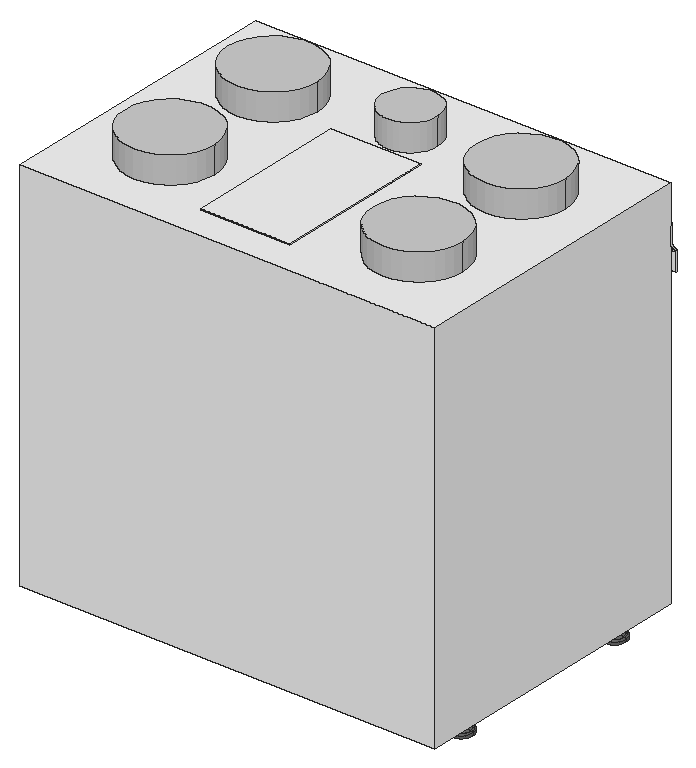
Revit family "BLAUBERG-KOMFORT_Roto_EC_SE400", category Mechanical Equipment, Revit 2019
Family settings
  Round Connector Dimension = Use Diameter
  Classification = None
  Part Type = Normal
  OmniClass Number = 23.75.35.14
  OmniClass Title = Air Handling Units
  Work Plane-Based = No
  Always vertical = Yes
  Cut with Voids When Loaded = No
  Shared = No
  Room Calculation Point = No
Parameters (values of type "KOMFORT Roto EC S 400 S21")
  dLFeets = 27 mm
  dBFeets = 93 mm
  Weight = 81.00 kg
  Standard Service Side [instance] = yes
  ServiceDoorB = 20 mm  # constant formula
  Service Side 2 [instance] = Standard Service Side  # yes
  Service Side 1 [instance] = not(Standard Service Side)  # no
  MountingPlateH = 100 mm  # constant formula
  Maximum Unit Current With Electric Heater = 1.4 A
  Maintenance Zone Side 2 [instance] = if(Maintenance Zone, (if(not(Standard Service Side), 1 = 1, 1 = 0)), 1 = 0)  # no
  Maintenance Zone Side 1 [instance] = if(Maintenance Zone, (if(Standard Service Side, 1 = 1, 1 = 0)), 1 = 0)  # no
  Plastic Material = Polypropylene Black
  Maximum Unit Power Without Electric Heater = 200 W
  Maximum Unit Current Without Electric Heater = 1.4 A
  Leveling Feets Height Calc [instance] = if(Leveling Feets Height < 23 mm, 23 mm, Leveling Feets Height)  # 23 mm
  Leveling Feets Height [instance] = 23 mm
  L3 = 372 mm
  L2 = 149 mm
  L1 = 149 mm
  Heater power = 0 W
  Heat Exchanger Material = "aluminium"
  HDuctCon = 48 mm  # constant formula
  H = 674 mm
  Front Maintenance Zone Width = H  # 674 mm
  Front Maintenance Zone Length = L  # 742 mm
  ElConB = 324 mm
  ElConA = 356 mm
  ElBoxB = 292 mm
  ElBoxA = 160 mm
  Duct Connection Diameter Kitchen Hood = 100 mm
  BackFeetD = 20 mm  # constant formula
  B3 = 121 mm
  B2 = 149 mm
  Air Flow Kitchen Hood [instance] = 0 m³/h
  Air Flow Factor [instance] = 1  # constant formula
  B1 = 149 mm
  L = 742 mm
  Voltage = 230 V
  URL = "https://blaubergventilatoren.de/en/product/komfort-roto-ec-s400-s21"
  Type Comments = "Air Handling Unit KOMFORT Roto EC S 400 S21"
  Transported Air Temperature (°C) = "-25…+40"
  Supply Air Filter = "G4,F7"
  Sound Pressure Level at 3 m (dBA) = 33
  SEC Class = "A"
  RPM (min-1) = 3280
  Power Factor = 1
  Power = Maximum Unit Power Without Electric Heater + Heater power  # 200 W
  Number of Poles = 1
  Model = "KOMFORT Roto EC S 400 S21"
  Maximum Air Flow = 440 m³/h
  Manufacturer = "Blauberg"
  Maintenance Zone Material = Maintenance Zone
  Front Maintenance Zone Height = 750 mm
  Maintenance Zone [instance] = no
  Load Classification = HVAC
  B = 528 mm
  Heat recovery efficiency (%) = "76..85"
  Heat Exchanger Type = "rotary"
  Metal Material = Metal Zinc
  Family Version = "1.0"  # constant formula
  Extract Air Filter = "G4"
  Duct Connection Diameter = 160 mm
  Description = "Air Handling Unit"
  D = Duct Connection Diameter  # 160 mm
  Current = Maximum Unit Current With Electric Heater  # 1.4 A
  Copyright = "©Blauberg"
  Casing Material = Painted Steel White
  Apparent Power [instance] = Power / Power Factor  # 200 VA
  Air Flow Supply [instance] = 0 m³/h
  Air Flow Exhaust Total [instance] = Air Flow Exhaust + Air Flow Kitchen Hood  # 0 m³/h
  Air Flow Exhaust [instance] = 0 m³/h
Types (2, lengths in mm): name | Weight | Maximum Unit Current With Electric Heater | Heater power | URL | Type Comments | Power | Model | Current | Apparent Power
  KOMFORT Roto EC S 400 S21 | 81.00 kg | 1.4 A | 0 W | "https://blaubergventilatoren.de/en/product/komfort-roto-ec-s400-s21" | "Air Handling Unit KOMFORT Roto EC S 400 S21" | 200 W | "KOMFORT Roto EC S 400 S21" | 1.4 A | 200 VA
  KOMFORT Roto EC SE 400 S21 | 82.00 kg | 7.5 A | 1400 W | "https://blaubergventilatoren.de/en/product/komfort-roto-ec-se400-s21" | "Air Handling Unit KOMFORT Roto EC SE 400 S21" | 1600 W | "KOMFORT Roto EC SE 400 S21" | 7.5 A | 1600 VA
Reference planes
  plane 1 "Center (Front/Back)": y = 0
  plane 2: z = 0
  plane 3 "Center (Left/Right)": x = 0
  plane 4 "Right": x = 371
  plane 5 "Front": y = -264
  plane 6 "Left": x = -371
  plane 7 "Top": z = 697
  plane 8 "Back": y = 264
  plane 9 "DuctConL3": x = 1
  plane 10 "DuctConB1": y = 115
  plane 11 "DuctConB2": y = -115
  plane 12 "DuctCon": z = 745
  plane 13: z = 699
  plane 14 "Bottom": z = 23
  plane 15 "FeetsL1": x = -344
  plane 16 "FeetsL2": x = 344
  plane 17 "FeetsB1": y = 171
  plane 18 "FeetsB2": y = -171
  plane 19 "ElConA": x = -15
  plane 20 "DuctConL2": x = 222
  plane 21 "DuctConL1": x = -222
  plane 22: x = -95
  plane 23: x = 65
  plane 24: y = 86
  plane 25: y = -206
  plane 26 "ElConB": y = -60
  plane 27 "ServiceDoorBack": y = 244
  plane 28 "ServiceDoorFront": y = -244
  plane 29 "DuctConB3": y = 143
  plane 30 "DuctConB4": z = 43
  plane 31 "MountingPlateH": z = 597
Forms (mm)
  Extrusion 1, solid, material "Painted Steel White" <- "Casing Material", detail levels medium+fine
    sketch origin (0, 377, 23) x (-1, 0, 0) y (0, -1, 0)
      loop
        line (371, 113) -> (371, 641) -> (-371, 641) -> (-371, 113) -> (371, 113)
    from 0 to 674
  Extrusion 2, solid, material "Metal Zinc" <- "Metal Material", detail levels medium+fine
    sketch origin (0, 0, 697) x (-1, 0, 0) y (0, -1, 0)
      loop
        circle (222, 115) r 80
      loop
        circle (-222, 115) r 80
      loop
        circle (-222, -115) r 80
      loop
        circle (222, -115) r 80
      loop
        circle (-1, -143) r 50
    from 0 to 48
  Extrusion 3, solid, material "Painted Steel White" <- "Casing Material", detail levels medium+fine
    sketch origin (0, 0, 697) x (-1, 0, 0) y (0, -1, 0)
      loop
        line (95, -86) -> (95, 206) -> (-65, 206) -> (-65, -86) -> (95, -86)
    from 0 to 2
  Extrusion 4, solid, material "Polypropylene Black" <- "Plastic Material", visible <- "Service Side 1", detail levels medium+fine
    sketch origin (0, -264, 0) x (-1, 0, 0) y (0, 0, 1)
      loop
        circle (344, 43) r 10
      loop
        circle (-344, 43) r 10
    from 0 to -10
  Extrusion 5, solid, material "Polypropylene Black" <- "Plastic Material", visible <- "Service Side 2", detail levels medium+fine
    sketch origin (0, 264, 0) x (-1, 0, 0) y (0, 0, 1)
      loop
        circle (344, 43) r 10
      loop
        circle (-344, 43) r 10
    from 0 to 10
Lines and regions (mm)
  model lines, detail levels coarse
    curve 1: line (-371, -264, 697) -> (-371, 264, 697)
    curve 2: line (371, -264, 697) -> (-371, -264, 697)
    curve 3: line (371, 264, 697) -> (371, -264, 697)
    curve 4: line (-371, -264, 23) -> (-371, 264, 23)
    curve 5: line (371, -264, 23) -> (-371, -264, 23)
    curve 6: line (371, 264, 23) -> (371, -264, 23)
    curve 7: line (-371, -264, 697) -> (371, -264, 697)
    curve 8: line (-371, -264, 23) -> (-371, -264, 697)
    curve 9: line (371, -264, 23) -> (-371, -264, 23)
    curve 10: line (371, -264, 697) -> (371, -264, 23)
    curve 11: line (-371, -264, 697) -> (-371, -264, 23)
    curve 12: line (371, -264, 697) -> (371, -264, 23)
    curve 13: line (-371, 264, 23) -> (371, 264, 23)
    curve 14: line (-371, 264, 697) -> (371, 264, 697)
    curve 15: line (-371, 264, 697) -> (-371, 264, 23)
    curve 16: line (371, 264, 697) -> (371, 264, 23)
    curve 17: line (-222, 115, 745) -> (-222, 115, 697)
    curve 18: line (222, 115, 745) -> (222, 115, 697)
    curve 19: line (222, -115, 745) -> (222, -115, 697)
    curve 20: line (-222, -115, 745) -> (-222, -115, 697)
    curve 21: line (1, 143, 745) -> (1, 143, 697)
Dimensions and locks
  "B": plane 8 "Back" to plane 5 "Front"
  equal spacing: plane 6 "Left", plane 3 "Center (Left/Right)", plane 4 "Right"
  "L": plane 6 "Left" to plane 4 "Right"
  "dBFeets": plane 8 "Back" to plane 17 "FeetsB1"
  "dBFeets": plane 18 "FeetsB2" to plane 5 "Front"
  "dLFeets": plane 6 "Left" to plane 15 "FeetsL1"
  "dLFeets": plane 16 "FeetsL2" to plane 4 "Right"
  "Leveling Feets Height Calc": plane 14 "Bottom" to level
  "HDuctCon": plane 12 "DuctCon" to plane 7 "Top"
  "H": plane 7 "Top" to plane 14 "Bottom"
  "ElConA": plane 6 "Left" to plane 19 "ElConA"
  "B1": plane 11 "DuctConB2" to plane 5 "Front"
  "B2": plane 8 "Back" to plane 10 "DuctConB1"
  "L1": plane 6 "Left" to plane 21 "DuctConL1"
  equal spacing: plane 22, plane 19 "ElConA", plane 23
  "ElBoxA": plane 22 to plane 23
  "ElConB": plane 8 "Back" to plane 26 "ElConB"
  equal spacing: plane 24, plane 26 "ElConB", plane 25
  "ElBoxB": plane 24 to plane 25
  locked: plane 13 to plane 7 "Top" at 2
  "ServiceDoorB": plane 8 "Back" to plane 27 "ServiceDoorBack"
  "ServiceDoorB": plane 28 "ServiceDoorFront" to plane 5 "Front"
  "L3": plane 6 "Left" to plane 9 "DuctConL3"
  "L2": plane 20 "DuctConL2" to plane 4 "Right"
  equal spacing: plane 8 "Back", plane 1 "Center (Front/Back)", plane 5 "Front"
  "B3": plane 8 "Back" to plane 29 "DuctConB3"
  locked: plane 30 "DuctConB4" to plane 14 "Bottom" at 20
  "MountingPlateH": plane 7 "Top" to plane 31 "MountingPlateH"
  "D": diameter of Extrusion 2 sketch curve  (x4)
  "Duct Connection Diameter Kitchen Hood": diameter of Extrusion 2 sketch curve
  aligned and locked: level to plane 2
  aligned and locked: plane 15 "FeetsL1" to nested 1
  aligned and locked: nested 1 to plane 17 "FeetsB1"
  aligned and locked: plane 16 "FeetsL2" to nested 2
  aligned and locked: nested 2 to plane 17 "FeetsB1"
  aligned and locked: nested 3 to plane 18 "FeetsB2"
  aligned and locked: plane 16 "FeetsL2" to nested 3
  aligned and locked: plane 15 "FeetsL1" to nested 4
  aligned and locked: nested 4 to plane 18 "FeetsB2"
  aligned and locked: Extrusion 1 sketch curve to plane 8 "Back"
  aligned and locked: plane 6 "Left" to Extrusion 1 sketch curve
  aligned and locked: plane 5 "Front" to Extrusion 1 sketch curve
  aligned and locked: Extrusion 1 sketch curve to plane 4 "Right"
  aligned and locked: plane 7 "Top" to Extrusion 1
  aligned and locked: plane 3 "Center (Left/Right)" to nested 5
  aligned and locked: nested 5 to plane 7 "Top"
  aligned and locked: curve 2 to Extrusion 1
  aligned and locked: curve 4 to curve 1
  aligned and locked: curve 5 to curve 2
  aligned and locked: curve 6 to nested 5
  aligned and locked: curve 8 to Extrusion 1
  aligned and locked: curve 10 to Extrusion 1
  aligned and locked: curve 11 to plane 5 "Front"
  aligned and locked: curve 12 to plane 5 "Front"
  aligned and locked: plane 8 "Back" to curve 3
  aligned and locked: plane 8 "Back" to curve 6
  aligned and locked: plane 6 "Left" to curve 13
  aligned and locked: curve 13 to plane 8 "Back"
  aligned and locked: plane 4 "Right" to curve 14
  aligned and locked: plane 6 "Left" to curve 14
  aligned and locked: curve 14 to plane 8 "Back"
  aligned and locked: plane 12 "DuctCon" to Extrusion 2
  aligned and locked: Extrusion 3 sketch curve to plane 24
  aligned and locked: Extrusion 3 sketch curve to plane 22
  aligned and locked: plane 25 to Extrusion 3 sketch curve
  aligned and locked: Extrusion 3 sketch curve to plane 23
  aligned and locked: plane 13 to Extrusion 3
  aligned and locked: plane 3 "Center (Left/Right)" to nested 6
  aligned and locked: nested 6 to plane 7 "Top"
  aligned and locked: plane 7 "Top" to curve 15
  aligned and locked: plane 14 "Bottom" to curve 15
  aligned and locked: plane 7 "Top" to curve 16
  aligned and locked: plane 14 "Bottom" to curve 16
  aligned and locked: plane 8 "Back" to curve 15
  aligned and locked: plane 8 "Back" to curve 16
  aligned and locked: plane 12 "DuctCon" to curve 17
  aligned and locked: plane 12 "DuctCon" to curve 18
  aligned and locked: plane 7 "Top" to curve 18
  aligned and locked: plane 7 "Top" to curve 17
  aligned and locked: curve 17 to plane 21 "DuctConL1"
  aligned and locked: curve 18 to plane 20 "DuctConL2"
  aligned and locked: plane 12 "DuctCon" to curve 19
  aligned and locked: plane 7 "Top" to curve 19
  aligned and locked: curve 19 to plane 20 "DuctConL2"
  aligned and locked: plane 21 "DuctConL1" to Extrusion 2 sketch curve
  aligned and locked: plane 11 "DuctConB2" to Extrusion 2 sketch curve
  aligned and locked: plane 12 "DuctCon" to curve 20
  aligned and locked: plane 7 "Top" to curve 20
  aligned and locked: curve 20 to plane 21 "DuctConL1"
  aligned and locked: plane 12 "DuctCon" to curve 21
  aligned and locked: plane 7 "Top" to curve 21
  aligned and locked: curve 21 to plane 9 "DuctConL3"
  aligned and locked: plane 9 "DuctConL3" to Extrusion 2 sketch curve
  aligned and locked: plane 29 "DuctConB3" to Extrusion 2 sketch curve
  aligned and locked: plane 3 "Center (Left/Right)" to nested 7
  aligned and locked: plane 31 "MountingPlateH" to nested 7
  aligned and locked: nested 8 to plane 3 "Center (Left/Right)"
  aligned and locked: plane 31 "MountingPlateH" to nested 8
Automatic sketch dimensions
  curve 11 to plane 14 "Bottom" = 0 mm
  curve 11 to plane 7 "Top" = 0 mm
  curve 12 to plane 14 "Bottom" = 0 mm
  curve 12 to plane 7 "Top" = 0 mm
  curve 9 to plane 14 "Bottom" = 0 mm
  curve 8 to plane 7 "Top" = 0 mm
  Extrusion 5 sketch curve to plane 16 "FeetsL2" = 0 mm
  Extrusion 5 sketch curve to plane 15 "FeetsL1" = 0 mm
  Extrusion 5 sketch curve to plane 30 "DuctConB4" = 0 mm  (x2)
  Extrusion 4 sketch curve to plane 16 "FeetsL2" = 0 mm
  Extrusion 4 sketch curve to plane 15 "FeetsL1" = 0 mm
  Extrusion 4 sketch curve to plane 30 "DuctConB4" = 0 mm  (x2)
  Extrusion 2 sketch curve to plane 11 "DuctConB2" = 0 mm
  Extrusion 2 sketch curve to plane 20 "DuctConL2" = 0 mm  (x2)
  Extrusion 2 sketch curve to plane 10 "DuctConB1" = 0 mm  (x2)
  Extrusion 2 sketch curve to plane 21 "DuctConL1" = 0 mm
  radius of Extrusion 5 sketch curve = 10 mm  (x2)
  radius of Extrusion 4 sketch curve = 10 mm  (x2)
Nested families
  nested 1: "LevellingFeet" at (-344, 171, 0), type "LevellingFeet", detail levels medium+fine
  nested 2: "LevellingFeet" at (344, 171, 0), type "LevellingFeet", detail levels medium+fine
  nested 3: "LevellingFeet" at (344, -171, 0), type "LevellingFeet", detail levels medium+fine
  nested 4: "LevellingFeet" at (-344, -171, 0), type "LevellingFeet", detail levels medium+fine
  nested 5: "MaintenanceZone_Rect" at (0, -264, 360) x (1, 0, 0) z (0, 1, 0), visible <- "Maintenance Zone Side 1", type "Front", detail levels medium+fine
    with Maintenance Zone Width 674 mm, Maintenance Zone Length 742 mm, Maintenance Zone Height 750 mm
  nested 6: "MaintenanceZone_Rect" at (0, 264, 360) x (1, 0, 0) z (0, -1, 0), visible <- "Maintenance Zone Side 2", type "Front", detail levels medium+fine
    with Maintenance Zone Width 674 mm, Maintenance Zone Length 742 mm, Maintenance Zone Height 750 mm
  nested 7: "MountingPlate2" at (0, 264, 597) x (1, 0, 0) z (0, 1, 0), visible <- "Service Side 2", type "MountingPlate2", detail levels medium+fine
    with Lenght 742 mm
  nested 8: "MountingPlate2" at (0, -264, 597) x (-1, 0, 0) z (0, -1, 0), visible <- "Service Side 1", type "MountingPlate2", detail levels medium+fine
    with Lenght 742 mm
Connectors
  hvac at (-222, -115, 745), driven by "Duct Connection Diameter", driven by "Air Flow Supply"
    settings: on Extrusion 2, index 1, duct flow 0 m³/h, flow factor 0, pres drop 0.0 Pa, loss coef 0, conn angle 0.00°, conn width 304.8 mm, conn height 304.8 mm, conn diameter 160 mm, duct sys type 1, conn prof type 0, flow config 0, flow direction 2, loss method 0, conn ref index -1, conn util no, is conn primary yes, conn desc "Supply Air"
  hvac at (-222, 115, 745), driven by "Duct Connection Diameter", driven by "Air Flow Exhaust"
    settings: on Extrusion 2, index 2, duct flow 0 m³/h, flow factor 0, pres drop 0.0 Pa, loss coef 0, conn angle 0.00°, conn width 304.8 mm, conn height 304.8 mm, conn diameter 160 mm, duct sys type 3, conn prof type 0, flow config 0, flow direction 1, loss method 0, conn ref index -1, conn util no, is conn primary no, conn desc "Extract Air"
  hvac at (222, 115, 745), driven by "Duct Connection Diameter", driven by "Air Flow Exhaust Total"
    settings: on Extrusion 2, index 3, duct flow 0 m³/h, flow factor 0, pres drop 0.0 Pa, loss coef 0, conn angle 0.00°, conn width 304.8 mm, conn height 304.8 mm, conn diameter 160 mm, duct sys type 3, conn prof type 0, flow config 1, flow direction 2, loss method 0, conn ref index -1, conn util no, is conn primary no, conn desc "Exhaust Air"
  hvac at (222, -115, 745), driven by "Duct Connection Diameter", driven by "Air Flow Supply"
    settings: on Extrusion 2, index 4, duct flow 0 m³/h, flow factor 0, pres drop 0.0 Pa, loss coef 0, conn angle 0.00°, conn width 304.8 mm, conn height 304.8 mm, conn diameter 160 mm, duct sys type 1, conn prof type 0, flow config 1, flow direction 1, loss method 0, conn ref index -1, conn util no, is conn primary no, conn desc "Intake Air"
  electrical at (-15, -60, 699), driven by "Number of Poles", driven by "Load Classification", driven by "Voltage", driven by "Apparent Power", driven by "Power Factor"
    settings: on Extrusion 3, index 6, voltage 230 V, apparent load 200 VA, apparent load phase1 0 VA, apparent load phase2 0 VA, apparent load phase3 0 VA, power factor 1, load classification "HVAC", number of poles 1, system type 30, power factor state 1, is connector primary yes, connector utility no, sub classification motor no, connector description ""
  hvac at (1, 143, 745), driven by "Duct Connection Diameter Kitchen Hood", driven by "Air Flow Kitchen Hood"
    settings: on Extrusion 2, index 7, duct flow 0 m³/h, flow factor 0, pres drop 0.0 Pa, loss coef 0, conn angle 0.00°, conn width 304.8 mm, conn height 304.8 mm, conn diameter 100 mm, duct sys type 3, conn prof type 0, flow config 0, flow direction 1, loss method 0, conn ref index -1, conn util no, is conn primary no, conn desc "Kitchen Hood Extract Air"
Definition of nested family "LevellingFeet"
  Parameters (values of type "LevellingFeet")
    r2 = d2 / 2  # 9 mm
    r1 = d1 / 2  # 12 mm
    h2 = 15 mm
    h1 = 6 mm
    d3 = 8 mm
    d2 = 18 mm
    d1 = 24 mm
    R = D / 2  # 20.5 mm
    Material = none
    H = 23 mm
    Default Elevation = 1219.2 mm
    D = 41 mm
  Reference planes
    plane 1 "Center (Front/Back)": y = 0
    plane 2: z = 0
    plane 3 "Center (Left/Right)": x = 0
    plane 4: z = 6
    plane 5: x = -9
    plane 6: x = -20.5
    plane 7: x = -12
    plane 8: z = 21
    plane 9: z = 23
  Forms (mm)
    Revolve 1, solid, material <- "Material"
      sketch origin (0, 0, 0) x (1, 0, 0) y (0, 0, 1)
        loop
          line (0, 21) -> (-9, 21) -> (-11.354, 9.228)
          arc (-11.354, 9.228) -> (-12.746, 6.91) -> (-15.292, 6) r 4.016
          line (-15.292, 6) -> (-18.541, 6)
          arc (-18.541, 6) -> (-19.926, 5.426) -> (-20.5, 4.041) r 1.959
          line (-20.5, 4.041) -> (-20.5, 0) -> (0, 0) -> (0, 21)
        axis (0, 21) -> (0, 0)
      angle from 0 to 360
    Extrusion 2, solid, material <- "Material"
      sketch origin (0, 0, 0) x (1, 0, 0) y (0, 1, 0)
        loop
          circle (0, 0) r 4
      from 23 to 6
  Cuts and joins
    joined: Revolve 1, Extrusion 2
  Dimensions and locks
    "r2": plane 3 "Center (Left/Right)" to plane 5
    "R": plane 3 "Center (Left/Right)" to plane 6
    "r1": plane 3 "Center (Left/Right)" to plane 7
    "h2": plane 8 to plane 4
    "h1": plane 4 to level
    "H": plane 9 to level
    "d3": diameter of Extrusion 2 sketch curve
    aligned and locked: level to plane 2
    aligned and locked: Revolve 1 sketch curve to plane 3 "Center (Left/Right)"
    aligned and locked: plane 8 to Revolve 1 sketch curve
    aligned and locked: Extrusion 2 to plane 4
    aligned and locked: plane 9 to Extrusion 2
    aligned and locked: cut or joined group of Revolve 1, Extrusion 2 to level
  Automatic sketch dimensions
    Revolve 1 sketch curve to level = 0 mm
    Revolve 1 sketch curve to plane 6 = 0 mm
    Revolve 1 sketch curve to plane 4 = 0 mm
    Revolve 1 sketch curve to plane 5 = 0 mm
    Revolve 1 sketch curve to plane 3 "Center (Left/Right)" = 0 mm
    plane 6 to Revolve 1 sketch curve = 1.959 mm
    Revolve 1 sketch curve to plane 7 = 3.292 mm
    plane 7 to Revolve 1 sketch curve = 0.646 mm
    plane 4 to Revolve 1 sketch curve = 3.228 mm
    Revolve 1 sketch curve to level = 336.045 mm
    plane 9 to Revolve 1 sketch curve = 2172.315 mm
    plane 1 "Center (Front/Back)" to Extrusion 2 sketch curve = 0 mm
    Extrusion 2 sketch curve to plane 3 "Center (Left/Right)" = 0 mm
Definition of nested family "MaintenanceZone_Rect"
  Parameters (values of type "MaintenanceZone_Rect")
    Maintenance Zone Width = 500 mm
    Material = none
    Maintenance Zone Length = 1000 mm
    Maintenance Zone Height = 300 mm
    Family Version = ""
    Default Elevation = 1219.2 mm
    Copyright = ""
  Reference planes
    plane 1 "Center (Front/Back)": y = 0
    plane 2: z = 0
    plane 3 "Center (Left/Right)": x = 0
    plane 4: x = -500
    plane 5: x = 500
    plane 6: y = 250
    plane 7: y = -250
    plane 8: z = -300
  Forms (mm)
    Extrusion 1, solid, material <- "Material", detail levels medium+fine
      sketch origin (0, 0, 0) x (1, 0, 0) y (0, 1, 0)
        loop
          line (-500, 250) -> (-500, -250) -> (500, -250) -> (500, 250) -> (-500, 250)
      from 0 to -300
  Lines and regions (mm)
    symbolic lines, detail levels medium+fine
      curve 1: line (-500, 0, 0) -> (500, 0, 0)
      curve 2: line (-500, 0, -300) -> (-500, 0, 0)
      curve 3: line (500, 0, -300) -> (-500, 0, -300)
      curve 4: line (500, 0, 0) -> (500, 0, -300)
      curve 5: line (0, 250, 0) -> (0, -250, 0)
      curve 6: line (0, 250, -300) -> (0, 250, 0)
      curve 7: line (0, -250, -300) -> (0, 250, -300)
      curve 8: line (0, -250, 0) -> (0, -250, -300)
      curve 9: line (-500, 250, 0) -> (500, 250, 0)
      curve 10: line (-500, -250, 0) -> (-500, 250, 0)
      curve 11: line (500, -250, 0) -> (-500, -250, 0)
      curve 12: line (500, 250, 0) -> (500, -250, 0)
  Dimensions and locks
    equal spacing: plane 6, plane 1 "Center (Front/Back)", plane 7
    equal spacing: plane 4, plane 3 "Center (Left/Right)", plane 5
    "Maintenance Zone Width": plane 6 to plane 7
    "Maintenance Zone Length": plane 4 to plane 5
    "Maintenance Zone Height": plane 2 to plane 8
    aligned and locked: level to plane 2
    aligned and locked: Extrusion 1 sketch curve to plane 6
    aligned and locked: plane 4 to Extrusion 1 sketch curve
    aligned and locked: plane 7 to Extrusion 1 sketch curve
    aligned and locked: Extrusion 1 sketch curve to plane 5
    aligned and locked: Extrusion 1 to plane 8
    aligned and locked: curve 1 to Extrusion 1
    aligned and locked: curve 2 to Extrusion 1
    aligned and locked: curve 3 to Extrusion 1
    aligned and locked: curve 4 to Extrusion 1
    aligned and locked: curve 5 to Extrusion 1
    aligned and locked: curve 6 to Extrusion 1
    aligned and locked: curve 7 to Extrusion 1
    aligned and locked: curve 8 to Extrusion 1
    aligned and locked: curve 9 to Extrusion 1
    aligned and locked: curve 10 to Extrusion 1
    aligned and locked: curve 11 to Extrusion 1
    aligned and locked: curve 12 to Extrusion 1
Definition of nested family "MountingPlate2"
  Parameters (values of type "MountingPlate2")
    Width3 = 35 mm
    Width2 = Height  # 12 mm
    Width1 = 35 mm
    Width = 75 mm
    Material = none
    Lenght = 500 mm
    Height = 12 mm
    Default Elevation = 1219.2 mm
  Reference planes
    plane 1 "Center (Front/Back)": y = 0
    plane 2: z = 0
    plane 3 "Center (Left/Right)": x = 0
    plane 4: x = -250
    plane 5: x = 250
    plane 6: y = -35
    plane 7: y = 47
    plane 8: z = 12
    plane 9: y = 12
  Forms (mm)
    Extrusion 1, solid, material <- "Material"
      sketch origin (0, 0, 0) x (0, 1, 0) y (0, 0, 1)
        loop
          line (-35, 0) -> (-1.086, 0)
          arc (-1.086, 0) -> (0.616, 0.299) -> (2.115, 1.159) r 5
          line (2.115, 1.159) -> (11.337, 8.844)
          arc (11.337, 8.844) -> (12.835, 9.704) -> (14.538, 10.003) r 5
          line (14.538, 10.003) -> (47, 10.003) -> (47, 12) -> (13.81, 12)
          arc (13.81, 12) -> (12.108, 11.701) -> (10.609, 10.841) r 5
          line (10.609, 10.841) -> (1.391, 3.159)
          arc (1.391, 3.159) -> (-0.108, 2.299) -> (-1.81, 2) r 5
          line (-1.81, 2) -> (-35, 2) -> (-35, 0)
      from -250 to 250
  Dimensions and locks
    equal spacing: plane 4, plane 3 "Center (Left/Right)", plane 5
    "Lenght": plane 4 to plane 5
    "Width1": plane 1 "Center (Front/Back)" to plane 6
    "Height": plane 8 to level
    "Width2": plane 9 to plane 1 "Center (Front/Back)"
    "Width3": plane 7 to plane 9
    aligned and locked: level to plane 2
    aligned and locked: Extrusion 1 to plane 4
    aligned and locked: plane 5 to Extrusion 1
  Automatic sketch dimensions
    Extrusion 1 sketch curve to level = 0 mm
    Extrusion 1 sketch curve to plane 6 = 0 mm
    Extrusion 1 sketch curve to plane 8 = 0 mm
    Extrusion 1 sketch curve to plane 7 = 0 mm
    plane 1 "Center (Front/Back)" to Extrusion 1 sketch curve = 1.086 mm
    plane 1 "Center (Front/Back)" to Extrusion 1 sketch curve = 1.81 mm
    Extrusion 1 sketch curve to plane 1 "Center (Front/Back)" = 1.391 mm
    level to Extrusion 1 sketch curve = 1.159 mm
    Extrusion 1 sketch curve to Extrusion 1 sketch curve = 0.724 mm
    plane 9 to Extrusion 1 sketch curve = 1.391 mm
    plane 9 to Extrusion 1 sketch curve = 0.663 mm
    Extrusion 1 sketch curve to plane 9 = 1.81 mm
    Extrusion 1 sketch curve to Extrusion 1 sketch curve = 0.727 mm
    Extrusion 1 sketch curve to Extrusion 1 sketch curve = 1.997 mm
